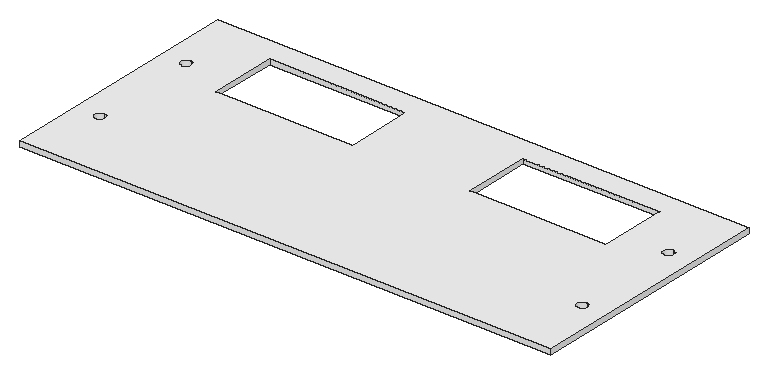
Revit family "Specialty_Equipment-Metal_Raceway-Hubbell_Wiring-4_Gang_Two_Style_Line_Two_Blank-HBL47472RRXX", category Specialty Equipment, host Face, Revit 2015
Parameters
  URL = "http://www.hubbell-wiring.com/"
  Product data url = "https://bimobject.com/hubbellwiring/product/hubbell-metal-raceway-hbl4750"
  Product Page URL = "http://ecatalog.hubbell-wiring.com/ProductInformation/ViewCatalog.aspx?Dest=hubbell-wiring.com/press/catalog/o.pdf&Page=21"
  Product Documentation Link = "http://www.hubbell-wiring.com/press/pdfs/h5233r08.pdf"
  Model = "HBL47472RRXXIV"
  Manufacturer = "Hubbell-Wiring"  # constant formula
  Host Note = "Add in Plan View; Host to Wall"  # constant formula
  Description = "4-Gang Cover, Two Style Line Openings, Two Blank"  # constant formula
  Default Elevation = 0' - 0"
  Cable Tray Material = Metal-Hubbell-Ivory Powder Coat
  Assembly Code = "D5090900"
Types (3): name | Model | Cable Tray Material
  (no name) | "HBL47472RRXXIV" | Metal-Hubbell-Ivory Powder Coat
  HBL47472RRXXGY - Gray | "HBL47472RRXXGY" | Metal-Hubbell-Gray Powder Coat
  HBL47472RRXXIV - Ivory | "HBL47472RRXXIV" | Metal-Hubbell-Ivory Powder Coat
Reference planes (in)
  plane 1 "Center (Front/Back)": y = 0
  plane 2: z = 0
  plane 3 "Left": x = 0
  plane 4 "Right": x = 10.21888
  plane 5: y = 2.375
  plane 6: y = -2.375
  plane 7: z = 1.61719
  plane 8: z = 1.70703
  plane 9 "Align Left": x = 0.18016
  plane 10 "Align Right": x = 10.03872
  plane 11: x = 5.11
Forms (in)
  Extrusion 1, solid, material "Metal-Hubbell-Ivory Powder Coat" <- "Cable Tray Material"
    sketch origin (0, 0, 0) x (1, 0, 0) y (0, 1, 0)
      loop
        line (10.21888, 2.375) -> (0, 2.375) -> (0, -2.375) -> (10.21888, -2.375) -> (10.21888, 2.375)
      loop
        circle (0.46594, 1.03647) r 0.1
      loop
        circle (0.46594, -1.03953) r 0.1
      loop
        circle (9.75403, -1.03953) r 0.1
      loop
        circle (9.75403, 1.03953) r 0.1
      loop
        line (1.35761, 1.93209) -> (1.35761, 0.64403) -> (3.98443, 0.64403) -> (3.98443, 1.93209) -> (1.35761, 1.93209)
      loop
        line (8.86239, 1.93209) -> (6.23557, 1.93209) -> (6.23557, 0.64403) -> (8.86239, 0.64403) -> (8.86239, 1.93209)
    from 1.61719 to 1.70703
Lines and regions (in)
  Masking region 1
    outline origin (0, 0, 0) x (1, 0, 0) y (0, 0, 1)
      loop
        line (0, 1.70703) -> (0, 1.61719) -> (10.21888, 1.61719) -> (10.21888, 1.70703) -> (0, 1.70703)
  model lines, style "GEOM", not visible
    curve 1: circle (48.69025, 2.52981, 0) r 0.1 normal (0, 0, 1)
    curve 2: circle (39.40325, 2.52981, 0) r 0.1 normal (0, 0, 1)
    curve 3: circle (48.69025, 4.60581, 0) r 0.1 normal (0, 0, 1)
    curve 4: circle (39.40325, 4.60581, 0) r 0.1 normal (0, 0, 1)
    curve 5: line (38.93731, 1.18781, 0) -> (49.15619, 1.18781, 0)
    curve 6: line (49.15619, 1.18781, 0) -> (49.15619, 5.94781, 0)
    curve 7: line (49.15619, 5.94781, 0) -> (38.93731, 5.94781, 0)
    curve 8: line (38.93731, 5.94781, 0) -> (38.93731, 1.18781, 0)
Dimensions and locks (in)
  locked: plane 3 "Left" to plane 4 "Right" at 10.21888
  plane 5 to plane 1 "Center (Front/Back)" to plane 6 = 0' - 2 3/8" locked, 0' - 2 3/8" locked
  plane 8 to plane 7 to host face = 0' - 0 23/256" locked, 0' - 1 79/128" locked
  locked: plane 10 "Align Right" to plane 4 "Right" at 0.18016
  locked: plane 3 "Left" to plane 9 "Align Left" at 0.18016
  aligned and locked: host face to plane 2
  aligned and locked: level to host face
  aligned and locked: Extrusion 1 to plane 3 "Left"
  aligned and locked: plane 4 "Right" to Extrusion 1
  aligned and locked: Extrusion 1 to plane 5
  aligned and locked: Extrusion 1 to plane 6
  aligned and locked: Extrusion 1 to plane 7
  aligned and locked: plane 8 to Extrusion 1
  aligned and locked: Masking region 1 sketch curve to plane 4 "Right"
  aligned and locked: plane 8 to Masking region 1
  aligned and locked: Masking region 1 to plane 7
  aligned and locked: Masking region 1 to plane 3 "Left"
